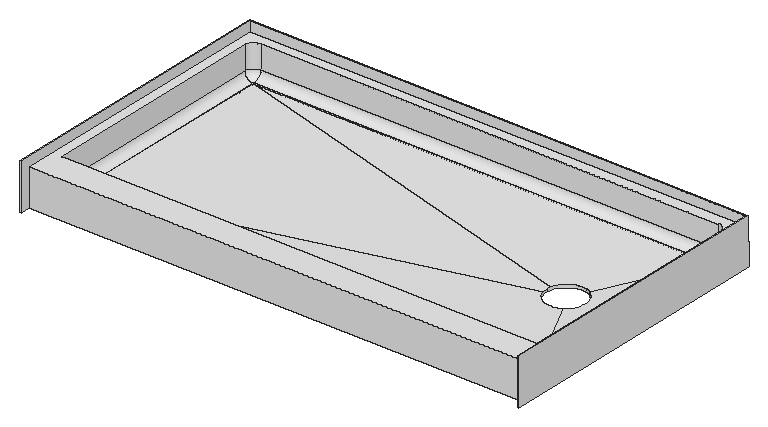
Revit family "P5430.V2 L-R", category Plumbing Fixtures, Revit 2019
Family settings
  Round Connector Dimension = Use Diameter
  Part Type = Normal
  OmniClass Number = 23.45.05.14.17
  OmniClass Title = Showers
  Work Plane-Based = No
  Always vertical = Yes
  Cut with Voids When Loaded = No
  Shared = No
  Room Calculation Point = No
Parameters (values of type "P5430.V2 L/R")
  Unit Width = 54"
  Unit Height = 5"
  Unit Depth = 31"
  URL = "http://www.bestbath.com/"
  Type Comments = "Remodeler"
  Model = "P5430.V2 L/R"
  Material [instance] = Best Bath Gelcoat Fiberglass - Smooth
  Manufacturer = "Best Bath Systems, Inc."
  Keynote = "22 40 00.B3"
  Description = "Shower Pan"
  Assembly Code = "D2010710"
Reference planes (in)
  plane 1 "Back": y = -0.5
  plane 2: z = 0
  plane 3 "Left": x = 0
  plane 4: x = 54
  plane 5: z = 4
  plane 6: z = 5
  plane 7: x = 45.5
  plane 8: y = 29.5
  plane 9: y = 15.5
  plane 10: x = 1.25
  plane 11: x = 52.75
  plane 12: y = 28.25
  plane 13: z = 0.625
  plane 14: z = 0.25
  plane 15: y = -1.5
Forms (in)
  Extrusion 1, solid, material "Best Bath Gelcoat Fiberglass - Smooth"
    sketch origin (0, 0, 0) x (1, 0, 0) y (0, 1, 0)
      loop
        line (0, -0.5) -> (1.25, -0.5) -> (1.25, 27.25)
        arc (1.25, 27.25) -> (1.54289, 27.95711) -> (2.25, 28.25) r 1
        line (2.25, 28.25) -> (51.75, 28.25)
        arc (51.75, 28.25) -> (52.45711, 27.95711) -> (52.75, 27.25) r 1
        line (52.75, 27.25) -> (52.75, -0.5) -> (54, -0.5) -> (54, 29.5) -> (0, 29.5) -> (0, -0.5)
    from 0 to 4
  Extrusion 2, solid, material "Best Bath Gelcoat Fiberglass - Smooth"
    sketch origin (0, 0, 0) x (1, 0, 0) y (0, 1, 0)
      loop
        line (0, -0.5) -> (54, -0.5) -> (54, 29.5) -> (0, 29.5) -> (0, -0.5)
      loop
        circle (45.5, 15.5) r 2.125
    from 0 to 0.625
  Sweep 3, solid, material "Best Bath Gelcoat Fiberglass - Smooth"
    path origin (0, 0, 0) x (1, 0, 0) y (0, 1, 0)
      loop
        line (52.75, -0.5) -> (52.75, 27.25)
        arc (52.75, 27.25) -> (52.45711, 27.95711) -> (51.75, 28.25) r 1
        line (51.75, 28.25) -> (2.25, 28.25)
        arc (2.25, 28.25) -> (1.54289, 27.95711) -> (1.25, 27.25) r 1
        line (1.25, 27.25) -> (1.25, -0.5)
    profile origin (1.25, 13.375, 0) x (1, 0, 0) y (0, 0, 1)
      loop
        line (0, 0.625) -> (0.9, 0.625)
        arc (0.9, 0.625) -> (0.2636, 0.8886) -> (0, 1.525) r 0.9
        line (0, 1.525) -> (0, 0.625)
  Blend 4, void
    base sketch origin (0, 0, 0) x (1, 0, 0) y (0, 1, 0)
      loop
        line (2.25, 3.5147) -> (51.75, 3.5147) -> (51.75, 27.25) -> (2.25, 27.25) -> (2.25, 3.5147)
    top sketch origin (0, 0, 0) x (1, 0, 0) y (0, 1, 0)
      loop
        circle (45.5, 15.5) r 0.10467
    from 0.625 to 0.25
  Sweep 5, solid, material "Best Bath Gelcoat Fiberglass - Smooth"
    path origin (0, 0, 0) x (1, 0, 0) y (0, 1, 0)
      loop
        line (1.25, -0.5) -> (52.75, -0.5)
    profile origin (27, -0.5, 0) x (0, 1, 0) y (0, 0, 1)
      loop
        line (0, 4) -> (0, 0) -> (4.11592, 0) -> (3.00305, 4) -> (0, 4)
  Extrusion 6, solid, material "Best Bath Gelcoat Fiberglass - Smooth"
    sketch origin (0, 0, 0) x (1, 0, 0) y (0, 1, 0)
      loop
        line (0, -1.5) -> (0.125, -1.5) -> (0.125, 29.375) -> (53.875, 29.375) -> (53.875, -1.5) -> (54, -1.5) -> (54, 29.5) -> (0, 29.5) -> (0, -1.5)
    from 0 to 5
Cuts and joins
  Blend 4 cuts Extrusion 1
  Blend 4 cuts Extrusion 2
  Blend 4 cuts Sweep 3
  joined: Extrusion 1, Extrusion 2, Sweep 3, Sweep 5, Extrusion 6
Dimensions and locks (in)
  "Unit Width": plane 3 "Left" to plane 4
  locked: plane 6 to plane 5 at 1
  "Unit Height": plane 6 to level
  plane 3 "Left" to plane 7 to plane 4 = 45 1/2", 8 1/2"
  locked: plane 8 to plane 12 at 1.25
  locked: plane 11 to plane 4 at 1.25
  locked: plane 3 "Left" to plane 10 at 1.25
  plane 8 to plane 9 = 14"
  locked: plane 13 to plane 14 at 0.375
  locked: plane 13 to level at 0.625
  locked: plane 15 to plane 1 "Back" at 1
  "Unit Depth": plane 8 to plane 15
  aligned and locked: level to plane 2
  aligned and locked: plane 9 to Extrusion 2 sketch curve
  aligned and locked: plane 7 to Extrusion 2 sketch curve
  aligned and locked: Sweep 3 to plane 13
  aligned and locked: Sweep 3 sketch curve to plane 13
  aligned and locked: plane 13 to Extrusion 2
  aligned and locked: plane 9 to Blend 4 sketch curve
  aligned and locked: plane 7 to Blend 4 sketch curve
  aligned and locked: Extrusion 2 to Blend 4
  aligned and locked: Blend 4 to plane 14
  aligned and locked: plane 5 to Extrusion 1
  aligned and locked: plane 5 to Sweep 5
  aligned and locked: plane 6 to Extrusion 6
Automatic sketch dimensions
  plane 1 "Back" to Extrusion 1 sketch curve = 0"  (x2)
  Extrusion 1 sketch curve to plane 3 "Left" = 0"
  Extrusion 1 sketch curve to plane 4 = 0"
  Extrusion 1 sketch curve to plane 8 = 0"
  Extrusion 1 sketch curve to plane 10 = 0"
  Extrusion 1 sketch curve to plane 12 = 0"
  Extrusion 1 sketch curve to plane 11 = 0"
  Extrusion 1 sketch curve to plane 12 = 1"
  plane 10 to Extrusion 1 sketch curve = 1"
  Extrusion 2 sketch curve to plane 4 = 0"
  Extrusion 2 sketch curve to plane 8 = 0"
  profile plane to Sweep 3 sketch curve = 0"
  Sweep 3 sketch curve to profile plane = 0.9"
  Extrusion 2 sketch curve to plane 3 "Left" = 0"
  plane 1 "Back" to Extrusion 2 sketch curve = 0"
  Sweep 3 sketch curve to plane 10 = 0"
  Sweep 3 sketch curve to plane 12 = 0"
  Sweep 3 sketch curve to plane 11 = 0"
  Sweep 3 sketch curve to plane 12 = 1"
  plane 1 "Back" to Sweep 3 sketch curve = 0"  (x2)
  plane 10 to Sweep 3 sketch curve = 1"
  plane 1 "Back" to Sweep 5 sketch curve = 0"
  Sweep 5 sketch curve to plane 10 = 0"
  Sweep 5 sketch curve to plane 11 = 0"
  Sweep 5 sketch curve to profile plane = 0"
  Sweep 5 sketch curve to level = 0"
  Sweep 5 sketch curve to profile plane = 3.00305"
  Sweep 5 sketch curve to profile plane = 4.11592"
  level to Sweep 5 sketch curve = 4"
  plane 10 to Blend 4 sketch curve = 1"
  Blend 4 sketch curve to plane 11 = 1"
  Blend 4 sketch curve to plane 1 "Back" = 4.0147"
  Blend 4 sketch curve to plane 12 = 1"
  Extrusion 6 sketch curve to plane 3 "Left" = 0"
  Extrusion 6 sketch curve to plane 15 = 0"  (x2)
  Extrusion 6 sketch curve to plane 4 = 0"
  Extrusion 6 sketch curve to plane 8 = 0"
  plane 3 "Left" to Extrusion 6 sketch curve = 1/8"
  plane 4 to Extrusion 6 sketch curve = 1/8"
  Extrusion 6 sketch curve to plane 8 = 1/8"
  radius of Extrusion 2 sketch curve = 2 1/8"
  radius of Blend 4 sketch curve = 0.10467"
